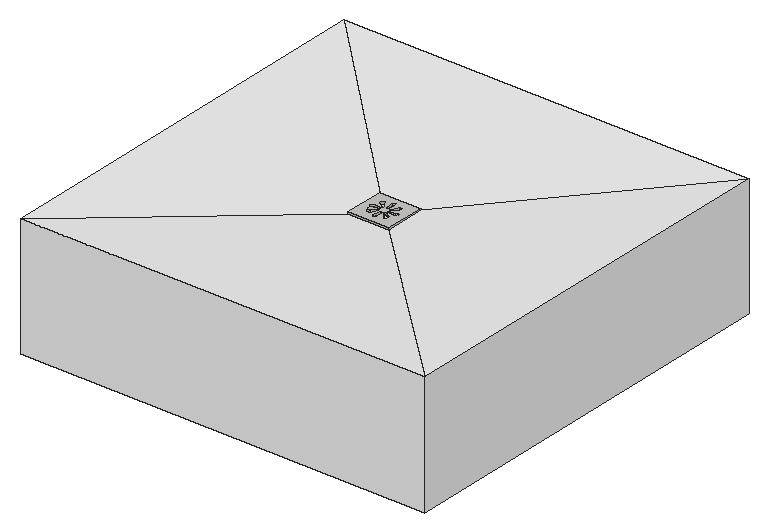
Revit family "Shower", category Generic Models, host Floor, Revit 2015
Parameters
  Depth = 30 mm
  Material Drain [instance] = Stainless Steel Screen
  Material Base [instance] = Porcelain White
  Left = 500 mm
  Right = 500 mm
  Front = 500 mm
  Back = 500 mm
  Drain = 100 mm
Reference planes
  plane 1 "Centre (avant/arrière)": y = 0
  plane 2: z = 0
  plane 3 "Centre (gauche/droite)": x = 0
  plane 4 "gauche": x = -500
  plane 5 "droite": x = 500
  plane 6 "arrière": y = 500
  plane 7 "avant": y = -500
  plane 8: y = 50
  plane 9: y = -50
  plane 10: x = -50
  plane 11: x = 50
  plane 12 "fond douche": z = -30
  plane 13: z = -26
  plane 14 "Bas de dalle": z = -300
Forms (mm)
  Blend 1, void
    base sketch origin (0, 0, 0) x (1, 0, 0) y (0, 1, 0)
      loop
        line (-500, 500) -> (-500, -500) -> (500, -500) -> (500, 500) -> (-500, 500)
    top sketch origin (0, 0, 0) x (1, 0, 0) y (0, 1, 0)
      loop
        line (-50, 50) -> (-50, -50) -> (50, -50) -> (50, 50) -> (-50, 50)
    from 0 to -30
  Extrusion 2, solid, material "Porcelain White" <- "Material Base"
    sketch origin (0, 0, 0) x (1, 0, 0) y (0, 1, 0)
      loop
        line (-500, 500) -> (-500, -500) -> (500, -500) -> (500, 500) -> (-500, 500)
    from -300 to 0
  Extrusion 3, void
    sketch origin (0, 0, 0) x (1, 0, 0) y (0, 1, 0)
      loop
        circle (0, 0) r 35
    from -300 to 0
  Extrusion 4, solid, material "Stainless Steel Screen" <- "Material Drain"
    sketch origin (0, 0, 0) x (1, 0, 0) y (0, 1, 0)
      loop
        line (-50, 50) -> (-50, -50) -> (50, -50) -> (50, 50) -> (-50, 50)
      loop
        arc (-1.941, 11.009) -> (0, 9.829) -> (1.941, 11.009) r 2.187
        line (1.941, 11.009) -> (4.924, 27.926)
        arc (4.924, 27.926) -> (0, 33.794) -> (-4.924, 27.926) r 5
        line (-4.924, 27.926) -> (-1.941, 11.009)
      loop
        line (-1.941, -11.009) -> (-4.924, -27.926)
        arc (-4.924, -27.926) -> (0, -33.794) -> (4.924, -27.926) r 5
        line (4.924, -27.926) -> (1.941, -11.009)
        arc (1.941, -11.009) -> (0, -9.829) -> (-1.941, -11.009) r 2.187
      loop
        arc (-11.009, -1.941) -> (-9.829, 0) -> (-11.009, 1.941) r 2.187
        line (-11.009, 1.941) -> (-27.926, 4.924)
        arc (-27.926, 4.924) -> (-33.794, 0) -> (-27.926, -4.924) r 5
        line (-27.926, -4.924) -> (-11.009, -1.941)
      loop
        line (11.009, -1.941) -> (27.926, -4.924)
        arc (27.926, -4.924) -> (33.794, 0) -> (27.926, 4.924) r 5
        line (27.926, 4.924) -> (11.009, 1.941)
        arc (11.009, 1.941) -> (9.829, 0) -> (11.009, -1.941) r 2.187
      loop
        arc (-9.157, 6.412) -> (-6.95, 6.95) -> (-6.412, 9.157) r 2.187
        line (-6.412, 9.157) -> (-16.265, 23.228)
        arc (-16.265, 23.228) -> (-23.896, 23.896) -> (-23.228, 16.265) r 5
        line (-23.228, 16.265) -> (-9.157, 6.412)
      loop
        line (6.412, -9.157) -> (16.265, -23.228)
        arc (16.265, -23.228) -> (23.896, -23.896) -> (23.228, -16.265) r 5
        line (23.228, -16.265) -> (9.157, -6.412)
        arc (9.157, -6.412) -> (6.95, -6.95) -> (6.412, -9.157) r 2.187
      loop
        arc (-6.412, -9.157) -> (-6.95, -6.95) -> (-9.157, -6.412) r 2.187
        line (-9.157, -6.412) -> (-23.228, -16.265)
        arc (-23.228, -16.265) -> (-23.896, -23.896) -> (-16.265, -23.228) r 5
        line (-16.265, -23.228) -> (-6.412, -9.157)
      loop
        line (9.157, 6.412) -> (23.228, 16.265)
        arc (23.228, 16.265) -> (23.896, 23.896) -> (16.265, 23.228) r 5
        line (16.265, 23.228) -> (6.412, 9.157)
        arc (6.412, 9.157) -> (6.95, 6.95) -> (9.157, 6.412) r 2.187
    from -30 to -26
Cuts and joins
  Blend 1, Extrusion 3 cuts Extrusion 2
Lines and regions (mm)
  Opening 1
    outline origin (2000, 2000, 0) x (0, 1, 0) y (-1, 0, 0)
      loop
        line (-1500, 2500) -> (-2500, 2500) -> (-2500, 1500) -> (-1500, 1500) -> (-1500, 2500)
Dimensions and locks
  "Left": plane 4 "gauche" to plane 3 "Centre (gauche/droite)"
  "Right": plane 3 "Centre (gauche/droite)" to plane 5 "droite"
  "Front": plane 1 "Centre (avant/arrière)" to plane 6 "arrière"
  "Back": plane 7 "avant" to plane 1 "Centre (avant/arrière)"
  equal spacing: plane 8, plane 1 "Centre (avant/arrière)", plane 9
  "Drain": plane 8 to plane 9
  equal spacing: plane 10, plane 3 "Centre (gauche/droite)", plane 11
  "Drain": plane 10 to plane 11
  "Depth": level to plane 12 "fond douche"
  locked: plane 13 to plane 12 "fond douche" at 4
  aligned and locked: Opening 1 sketch curve to plane 6 "arrière"
  aligned and locked: plane 4 "gauche" to Opening 1 sketch curve
  aligned and locked: Opening 1 sketch curve to plane 5 "droite"
  aligned and locked: plane 7 "avant" to Opening 1 sketch curve
  aligned and locked: Blend 1 sketch curve to plane 8
  aligned and locked: Blend 1 sketch curve to plane 11
  aligned and locked: plane 9 to Blend 1 sketch curve
  aligned and locked: plane 10 to Blend 1 sketch curve
  aligned and locked: Blend 1 sketch curve to plane 6 "arrière"
  aligned and locked: Blend 1 sketch curve to plane 5 "droite"
  aligned and locked: plane 7 "avant" to Blend 1 sketch curve
  aligned and locked: plane 4 "gauche" to Blend 1 sketch curve
  aligned and locked: Extrusion 2 sketch curve to plane 6 "arrière"
  aligned and locked: Extrusion 2 sketch curve to plane 5 "droite"
  aligned and locked: plane 7 "avant" to Extrusion 2 sketch curve
  aligned and locked: plane 4 "gauche" to Extrusion 2 sketch curve
  aligned and locked: cut or joined group of Blend 1, Extrusion 2, Extrusion 3 to Extrusion 3
  aligned and locked: host floor to Extrusion 3
  aligned and locked: plane 12 "fond douche" to cut or joined group of Blend 1, Extrusion 2, Extrusion 3
  aligned and locked: Extrusion 4 sketch curve to cut or joined group of Blend 1, Extrusion 2, Extrusion 3  (x4)
  aligned and locked: plane 13 to Extrusion 4
  aligned and locked: plane 12 "fond douche" to Extrusion 4
  aligned and locked: plane 14 "Bas de dalle" to host floor
  aligned and locked: cut or joined group of Blend 1, Extrusion 2, Extrusion 3 to plane 14 "Bas de dalle"
Automatic sketch dimensions
  Extrusion 3 sketch curve to plane 1 "Centre (avant/arrière)" = 0 mm
  Extrusion 3 sketch curve to plane 3 "Centre (gauche/droite)" = 0 mm
  Extrusion 4 sketch curve to plane 1 "Centre (avant/arrière)" = 0 mm  (x4)
  Extrusion 4 sketch curve to plane 3 "Centre (gauche/droite)" = 0 mm  (x4)
  Extrusion 4 sketch curve to plane 3 "Centre (gauche/droite)" = 28.794 mm
  Extrusion 4 sketch curve to plane 1 "Centre (avant/arrière)" = 4.924 mm  (x2)
  Extrusion 4 sketch curve to Extrusion 4 sketch curve = 0.868 mm  (x4)
  plane 1 "Centre (avant/arrière)" to Extrusion 4 sketch curve = 4.924 mm  (x2)
  Extrusion 4 sketch curve to Extrusion 4 sketch curve = 4.697 mm  (x6)
  Extrusion 4 sketch curve to Extrusion 4 sketch curve = 2.868 mm  (x6)
  Extrusion 4 sketch curve to Extrusion 4 sketch curve = 4.096 mm  (x6)
  Extrusion 4 sketch curve to plane 3 "Centre (gauche/droite)" = 12.016 mm
  Extrusion 4 sketch curve to plane 1 "Centre (avant/arrière)" = 1.941 mm  (x2)
  Extrusion 4 sketch curve to Extrusion 4 sketch curve = 1.007 mm  (x4)
  plane 1 "Centre (avant/arrière)" to Extrusion 4 sketch curve = 1.941 mm  (x2)
  Extrusion 4 sketch curve to Extrusion 4 sketch curve = 1.852 mm  (x6)
  Extrusion 4 sketch curve to Extrusion 4 sketch curve = 0.66 mm  (x6)
  Extrusion 4 sketch curve to Extrusion 4 sketch curve = 2.085 mm  (x6)
  Extrusion 4 sketch curve to plane 3 "Centre (gauche/droite)" = 4.924 mm  (x2)
  Extrusion 4 sketch curve to plane 3 "Centre (gauche/droite)" = 1.941 mm  (x2)
  plane 3 "Centre (gauche/droite)" to Extrusion 4 sketch curve = 1.941 mm  (x2)
  plane 3 "Centre (gauche/droite)" to Extrusion 4 sketch curve = 4.924 mm  (x2)
  Extrusion 4 sketch curve to Extrusion 4 sketch curve = 4.471 mm  (x4)
  Extrusion 4 sketch curve to Extrusion 4 sketch curve = 11.341 mm  (x4)
  plane 1 "Centre (avant/arrière)" to Extrusion 4 sketch curve = 28.794 mm
  plane 1 "Centre (avant/arrière)" to Extrusion 4 sketch curve = 12.016 mm
  radius of Extrusion 3 sketch curve = 35 mm
